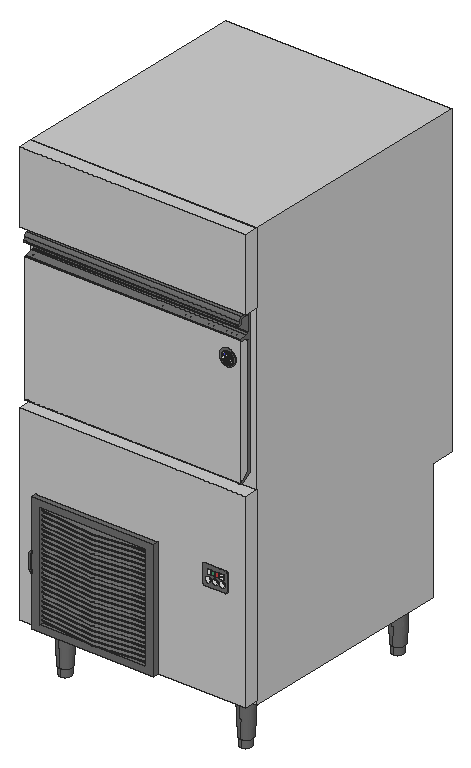
Revit family "QF_HOSHIZAKI_KM-140C-HC-W", category Specialty Equipment, Revit 2016
Family settings
  Part Type = Normal
  Round Connector Dimension = Use Diameter
  OmniClass Number = 23.40.40.14
  OmniClass Title = Food Service Equipment
  Work Plane-Based = No
  Always vertical = Yes
  Cut with Voids When Loaded = No
  Shared = No
  Room Calculation Point = No
Parameters (values of type "KM-140C-HC-W_230V/1Ph/50Hz")
  Weight = 71.00 kg
  Waste Remarks [instance] = ""
  Volts = 230 V
  URL Cutsheet = ""
  URL = "www.hoshizaki-europe.com"
  Status [instance] = ""
  Specification by User [instance] = ""
  Specification by Manufacturer [instance] = ""
  Serial Number = ""
  Seismic Rating = ""
  SMACNA No = ""
  Revision Code [instance] = ""
  Phase = 1
  Number of Poles = 2
  NAFEM Spec ID Number = ""
  Model = "KM-140C-HC-W"
  Min Ckt Ampacity = 0 A
  Max Overcurrent Protection = 0 A
  Masterspec = ""
  Manufacturer = "HOSHIZAKI"
  Length Actual = 630 mm
  Item Number [instance] = ""
  Installed By [instance] = ""
  Indirect Waste Size = 25.4 mm
  Indirect Waste Connection Type [instance] = ""
  Indirect Waste Connection Height [instance] = 354 mm
  Identify Quantity as Lot [instance] = no
  Height Actual = 1333 mm
  HP power = ""
  Furnished By [instance] = ""
  Foodservice Equipment Identifier [instance] = yes
  FL Amps = 3.9 A
  Electric power = 564 W
  Electric Connection Type [instance] = ""
  Elec Conn RI Height [instance] = 0 mm
  Elec Conn Connection Height [instance] = 303 mm
  Direct Waste RI Height [instance] = 0 mm
  Description = "SELF CONTAINED KM ICE MAKER, 138KG PER 24 HOURS, CRESCENT"
  Depth Actual = 719 mm
  Cycle = 50 Hz
  Cost = 0
  Conn Plug = ""
  Conn Conduit = no
  Cold Water Temperature Recommended = 0 °C
  Cold Water Size = 19.05 mm
  Cold Water Flow = 0.0 L/s
  Cold Water Connection Height [instance] = 398 mm
  CSI MasterFormat = ""
  Assembly Code = "E1090320"
  Apparent Power = 564 VA
  Accessory = no
Reference planes
  plane 1 "Center (Front/Back)": y = 0
  plane 2: z = 0
  plane 3 "Center (Left/Right)": x = 0
Forms (mm)
  Extrusion 1, solid, not visible
    sketch origin (47, -67, 302) x (1, 0, 0) y (0, 1, 0)
      loop
        line (0, 0) -> (2, 0) -> (2, 2) -> (0, 2) -> (0, 0)
    from 0 to 2
  Extrusion 2, solid, not visible
    sketch origin (98, -33, 400) x (1, 0, 0) y (0, 1, 0)
      loop
        line (0, 0) -> (2, 0) -> (2, 2) -> (0, 2) -> (0, 0)
    from 0 to 2
  Extrusion 3, solid, not visible
    sketch origin (582, -67, 353) x (1, 0, 0) y (0, 1, 0)
      loop
        line (0, 0) -> (2, 0) -> (2, 2) -> (0, 2) -> (0, 0)
    from 0 to 2
Dimensions and locks
  aligned and locked: level to plane 2
Nested families
  nested 1: "QF_HOSHIZAKI_KM-140C-HC-W_230V_1Ph_50Hz" at (0, 0, 0), type "KM-140C-HC-W_230V/1Ph/50Hz"
    with Show Logo yes, Show Clearance yes
Connectors
  electrical at (48, -65, 303), driven by "Apparent Power", driven by "Number of Poles", driven by "Volts"
    settings: on Extrusion 1, index 1, voltage 230 V, apparent load 0 VA, apparent load phase1 564 VA, apparent load phase2 0 VA, apparent load phase3 0 VA, power factor 1, load classification "Other", number of poles 2, system type 31, power factor state 1, is connector primary yes, connector utility no, sub classification motor no, connector description "Electric connection for 'KM-140C-HC-W'"
  piping at (99, -32, 400), diameter 19.05, driven by "Cold Water Size", driven by "Cold Water Flow"
    settings: on Extrusion 2, index 2, connector inside diameter 609.6 mm, connector length 0 mm, flow factor 0, pipe flow 0.0 L/s, pressure drop 0.0 Pa, fitting loss kfactor 0, connector angle 0.00°, fixture units 0, engagement length 0 mm, angle of deflection 0.00°, flow configuration 1, flow direction 1, fitting loss method 0, system type 20, joint type 0, gender type 0, connector reference index -1, connector utility 0, adjustable connector no, is connector primary yes, connector description "Cold Water connection for 'KM-140C-HC-W'"
  piping at (583, -65, 354), diameter 25.4, driven by "Indirect Waste Size"
    settings: on Extrusion 3, index 3, connector inside diameter 609.6 mm, connector length 0 mm, flow factor 0, pipe flow 0.0 L/s, pressure drop 0.0 Pa, fitting loss kfactor 0, connector angle 0.00°, fixture units 0, engagement length 0 mm, angle of deflection 0.00°, flow configuration 1, flow direction 2, fitting loss method 0, system type 16, joint type 0, gender type 0, connector reference index -1, connector utility 0, adjustable connector no, is connector primary no, connector description "Drain connection for 'KM-140C-HC-W'"
Definition of nested family "QF_HOSHIZAKI_KM-140C-HC-W_230V_1Ph_50Hz"
  Parameters (values of type "KM-140C-HC-W_230V/1Ph/50Hz")
    URL = "www.hoshizaki-europe.com"
    Show Logo [instance] = yes
    Show Clearance [instance] = yes
    Model = "KM-140C-HC-W"
    Manufacturer = "HOSHIZAKI"
    Description = "SELF CONTAINED KM ICE MAKER, 138KG PER 24 HOURS, CRESCENT"
    Assembly Code = "E1090320"
  Reference planes
    plane 1 "Back": y = 0
    plane 2: z = 0
    plane 3 "Left": x = 0
    plane 4 "Right": x = 630
    plane 5 "Front": y = -719
    plane 6 "Top": z = 1333
  Forms (mm)
    Extrusion 1, solid
      sketch origin (0, 0, 0) x (0, 1, 0) y (0, 0, 1)
        loop
          line (-65, 139) -> (-65, 474) -> (0, 474) -> (0, 1333) -> (-680, 1333) -> (-680, 139) -> (-65, 139)
      from 0 to 630
    Revolve 2, solid
      sketch origin (62.5, 0, 0) x (0, 1, 0) y (0, 0, 1)
        loop
          line (-109, 0) -> (-93.5, 0) -> (-93.5, 22.5) -> (-90.5, 22.5) -> (-86, 124) -> (-86, 139) -> (-109, 139) -> (-109, 0)
        axis (-109, 0) -> (-109, 139)
      angle from 0 to 360
    Extrusion 3, solid
      sketch origin (0, -125.184, 156.803) x (0, 1, 0) y (0, 0, 1)
        loop
          arc (-564.152, 560.106) -> (-560.966, 563.691) -> (-559.816, 568.347) r 10
          line (-559.816, 568.347) -> (-559.816, 956.197)
          arc (-559.816, 956.197) -> (-563.19, 963.687) -> (-571.035, 966.123) r 10
          line (-571.035, 966.123) -> (-587.697, 964.077)
          arc (-587.697, 964.077) -> (-593.362, 961.405) -> (-596.326, 955.888) r 10
          line (-596.326, 955.888) -> (-598.012, 946.326)
          arc (-598.012, 946.326) -> (-596.39, 944.009) -> (-594.073, 945.632) r 2
          line (-594.073, 945.632) -> (-592.387, 955.193)
          arc (-592.387, 955.193) -> (-590.608, 958.503) -> (-587.209, 960.106) r 6
          line (-587.209, 960.106) -> (-570.547, 962.152)
          arc (-570.547, 962.152) -> (-565.84, 960.691) -> (-563.816, 956.197) r 6
          line (-563.816, 956.197) -> (-563.816, 915.35)
          arc (-563.816, 915.35) -> (-564.246, 914.146) -> (-565.343, 913.487) r 1.9
          arc (-565.343, 913.487) -> (-565.869, 913.401) -> (-566.401, 913.352) r 7.5
          arc (-566.401, 913.352) -> (-568.987, 913.073) -> (-571.531, 912.527) r 25
          line (-571.531, 912.527) -> (-592.016, 907) -> (-592.016, 905) -> (-590.605, 905)
          arc (-590.605, 905) -> (-589.35, 904.725) -> (-588.326, 903.95) r 3
          arc (-588.326, 903.95) -> (-586.618, 902.659) -> (-584.526, 902.2) r 5
          line (-584.526, 902.2) -> (-574.616, 902.2)
          arc (-574.616, 902.2) -> (-571.08, 900.736) -> (-569.616, 897.2) r 5
          line (-569.616, 897.2) -> (-569.616, 566.869)
          arc (-569.616, 566.869) -> (-570.191, 564.541) -> (-571.784, 562.748) r 5
          line (-571.784, 562.748) -> (-586.848, 552.395)
          arc (-586.848, 552.395) -> (-588.117, 551.134) -> (-588.862, 549.507) r 5
          arc (-588.862, 549.507) -> (-589.572, 548.421) -> (-590.8, 548) r 2
          line (-590.8, 548) -> (-592.016, 548)
          arc (-592.016, 548) -> (-591.43, 546.586) -> (-590.016, 546) r 2
          line (-590.016, 546) -> (-584.677, 546) -> (-564.152, 560.106)
      from 14.5 to 615.5
    Extrusion 4, solid
      sketch origin (0, -125.184, 156.803) x (0, 1, 0) y (0, 0, 1)
        loop
          line (-593.816, 905) -> (-593.816, 548) -> (-590.8, 548)
          arc (-590.8, 548) -> (-589.572, 548.421) -> (-588.862, 549.507) r 2
          arc (-588.862, 549.507) -> (-588.117, 551.134) -> (-586.848, 552.395) r 5
          line (-586.848, 552.395) -> (-571.784, 562.748)
          arc (-571.784, 562.748) -> (-570.191, 564.541) -> (-569.616, 566.869) r 5
          line (-569.616, 566.869) -> (-569.616, 897.2)
          arc (-569.616, 897.2) -> (-571.08, 900.736) -> (-574.616, 902.2) r 5
          line (-574.616, 902.2) -> (-584.526, 902.2)
          arc (-584.526, 902.2) -> (-586.618, 902.659) -> (-588.326, 903.95) r 5
          arc (-588.326, 903.95) -> (-589.35, 904.725) -> (-590.605, 905) r 3
          line (-590.605, 905) -> (-593.816, 905)
      from 14.5 to 615.5
    Extrusion 5, solid
      sketch origin (-500, -591, 148.5) x (0, 1, 0) y (0, 0, 1)
        loop
          line (-128, 313.5) -> (-131, 313.5) -> (-131, 17.5) -> (-128, 17.5) -> (-128, 313.5)
      from 863 to 567
    Extrusion 6, solid, visible <- "Show Logo"
      sketch origin (1039.884, -718.5, -852.5) x (-1, 0, 0) y (0, 0, -1)
        loop
          circle (459.884, -1862.5) r 13.99
      from -0.5 to 2
    Extrusion 7, solid, visible <- "Show Logo"
      sketch origin (1039.884, -719, -852.5) x (-1, 0, 0) y (0, 0, -1)
        loop
          circle (459.884, -1862.5) r 15
        loop
          arc (446.884, -1862.5) -> (460.705, -1875.474) -> (472.781, -1860.863) r 13
          line (472.781, -1860.863) -> (470.355, -1858.437) -> (469.346, -1862.201) -> (466.355, -1863.928) -> (465.024, -1865.26) -> (463.375, -1865.26) -> (462.04, -1870.241) -> (457.755, -1870.241) -> (459.339, -1867.979) -> (460.402, -1864.014) -> (461.224, -1860.945) -> (462.416, -1856.497) -> (461.216, -1855.297) -> (459.433, -1857.843) -> (455.784, -1851.523) -> (460.361, -1851.523) -> (461.471, -1853.446) -> (469.213, -1853.446)
          arc (469.213, -1853.446) -> (460.394, -1849.51) -> (451.293, -1852.743) r 13
          line (451.293, -1852.743) -> (455.577, -1853.891) -> (453.752, -1856.497) -> (455.349, -1856.497) -> (454.477, -1866.459) -> (452.538, -1866.459) -> (446.884, -1862.5)
        loop
          line (447.853, -1857.467) -> (452.313, -1861.926) -> (450.144, -1853.891)
          arc (450.144, -1853.891) -> (448.878, -1855.602) -> (447.853, -1857.467) r 15.828
        loop
          line (463.583, -1862.877) -> (466.64, -1862.399) -> (464.901, -1861.285) -> (463.583, -1857.664) -> (463.583, -1862.877)
        loop
          line (464.827, -1855.979) -> (468.296, -1856.908) -> (469.573, -1854.916) -> (468.881, -1854.224) -> (467.914, -1855.035) -> (464.827, -1855.979)
        loop
          line (462.609, -1872.307) -> (462.609, -1874.009) -> (464.927, -1873.388) -> (462.609, -1872.307)
        loop
          line (460.361, -1874.662) -> (459.594, -1873.335) -> (460.801, -1872.638) -> (459.186, -1872.205) -> (458.298, -1874.11) -> (460.361, -1874.662)
        loop
          line (459.623, -1846.783) -> (460.706, -1845.701) -> (462.247, -1845.701) -> (461.191, -1844.645) -> (461.503, -1842.874) -> (459.623, -1843.959) -> (457.743, -1842.874) -> (458.055, -1844.645) -> (456.999, -1845.701) -> (458.54, -1845.701) -> (459.623, -1846.783)
        loop
          line (446.86, -1853.7) -> (446.594, -1852.191) -> (447.478, -1850.929) -> (446.007, -1851.188) -> (444.736, -1849.917) -> (444.547, -1852.08) -> (442.579, -1852.997) -> (444.209, -1853.757) -> (444.468, -1855.228) -> (445.352, -1853.965) -> (446.86, -1853.7)
        loop
          line (452.395, -1848.68) -> (452.856, -1847.219) -> (454.223, -1846.508) -> (452.799, -1846.059) -> (452.258, -1844.344) -> (451.091, -1846.175) -> (448.922, -1846.08) -> (450.017, -1847.507) -> (449.568, -1848.931) -> (450.935, -1848.219) -> (452.395, -1848.68)
        loop
          line (472.909, -1853.7) -> (474.417, -1853.965) -> (475.301, -1855.228) -> (475.56, -1853.757) -> (477.19, -1852.997) -> (475.222, -1852.08) -> (475.033, -1849.917) -> (473.761, -1851.188) -> (472.291, -1850.929) -> (473.175, -1852.191) -> (472.909, -1853.7)
        loop
          line (467.374, -1848.68) -> (468.834, -1848.219) -> (470.201, -1848.931) -> (469.752, -1847.507) -> (470.847, -1846.08) -> (468.678, -1846.175) -> (467.511, -1844.344) -> (466.97, -1846.059) -> (465.546, -1846.508) -> (466.913, -1847.219) -> (467.374, -1848.68)
      from 0 to 2
    Extrusion 8, solid, visible <- "Show Logo"
      sketch origin (1039.884, -719, -852.5) x (-1, 0, 0) y (0, 0, -1)
        loop
          line (462.609, -1874.009) -> (462.609, -1872.307) -> (462.085, -1870.241) -> (457.755, -1870.241) -> (459.339, -1867.979) -> (462.416, -1856.497) -> (461.216, -1855.297) -> (459.433, -1857.843) -> (455.808, -1851.565) -> (453.948, -1851.565) -> (455.577, -1853.891) -> (454.477, -1866.459) -> (456.345, -1871.339)
          arc (456.345, -1871.339) -> (456.868, -1874.025) -> (459.213, -1875.435) r 3.366
          arc (459.213, -1875.435) -> (460.198, -1875.496) -> (461.183, -1875.435) r 8.046
          line (461.183, -1875.435) -> (462.609, -1874.009)
        loop
          line (456.854, -1851.523) -> (460.361, -1851.523) -> (460.916, -1852.485) -> (462.702, -1852.485) -> (463.779, -1851.407) -> (460.623, -1851.407) -> (461.563, -1850.468) -> (456.245, -1850.468) -> (456.854, -1851.523)
        loop
          line (460.361, -1874.662) -> (459.594, -1873.335) -> (460.801, -1872.638) -> (459.186, -1872.205) -> (458.298, -1874.11) -> (460.361, -1874.662)
      from 0 to 2
    Extrusion 9, solid, visible <- "Show Logo"
      sketch origin (254.5, -718, 571.096) x (1, 0, 0) y (0, 0, 1)
        loop
          circle (325.5, 438.904) r 22.5
      from 0 to 2
    Extrusion 10, solid, visible <- "Show Clearance", detail levels coarse
      sketch origin (0, -125, 156.803) x (0, 1, 0) y (0, 0, 1)
        loop
          arc (-594, 964.843) -> (-790.878, 902.025) -> (-918, 739.091) r 350
          line (-918, 739.091) -> (-594, 544.412) -> (-594, 964.843)
      from 14.5 to 615.5
    Extrusion 11, solid
      sketch origin (178, 0, 53) x (1, 0, 0) y (0, 0, 1)
        loop
          circle (405, 301) r 12.5
        loop
          circle (405, 301) r 11
      from 50 to 65
    Extrusion 12, solid
      sketch origin (0, 0, -981.5) x (0, 1, 0) y (0, 0, 1)
        loop
          line (-719, 1660) -> (-719, 1130.5) -> (-680, 1130.5) -> (-680, 1660) -> (-719, 1660)
      from 0 to 630
    Extrusion 13, solid
      sketch origin (281.5, -735, -27.355) x (-1, 0, 0) y (0, 0, 1)
        loop
          line (-265.14, 488.748) -> (-274.86, 488.748) -> (-274.86, 476.748) -> (-265.14, 476.748) -> (-265.14, 488.748)
      from 16 to 14
    Extrusion 14, solid
      sketch origin (260.5, -735, -27.355) x (-1, 0, 0) y (0, 0, 1)
        loop
          line (-265.14, 488.748) -> (-274.86, 488.748) -> (-274.86, 476.748) -> (-265.14, 476.748) -> (-265.14, 488.748)
      from 16 to 14
    Extrusion 15, solid
      sketch origin (271, -735, -27.355) x (-1, 0, 0) y (0, 0, 1)
        loop
          line (-265.14, 488.748) -> (-274.86, 488.748) -> (-274.86, 476.748) -> (-265.14, 476.748) -> (-265.14, 488.748)
      from 16 to 14
    Extrusion 16, solid
      sketch origin (295.5, -735, -26.355) x (-1, 0, 0) y (0, 0, 1)
        loop
          line (-265.14, 488.748) -> (-274.86, 488.748) -> (-274.86, 482.748) -> (-265.14, 482.748) -> (-265.14, 488.748)
      from 16 to 14
    Extrusion 17, solid
      sketch origin (295.5, -735, 937.142) x (-1, 0, 0) y (0, 0, 1)
        loop
          line (-265.14, -488.748) -> (-265.14, -482.748) -> (-274.86, -482.748) -> (-274.86, -488.748) -> (-265.14, -488.748)
      from 16 to 14
    Extrusion 18, solid
      sketch origin (256.5, -735, -47.355) x (-1, 0, 0) y (0, 0, 1)
        loop
          circle (-270, 482.748) r 7
      from 16 to 14
    Extrusion 19, solid
      sketch origin (276.5, -735, -47.355) x (-1, 0, 0) y (0, 0, 1)
        loop
          circle (-270, 482.748) r 7
      from 16 to 14
    Extrusion 20, solid
      sketch origin (836.5, -735, -47.355) x (1, 0, 0) y (0, 0, -1)
        loop
          circle (-270, -482.748) r 7
      from 16 to 14
    Extrusion 21, solid
      sketch origin (0, 0, 0) x (0, 1, 0) y (0, 0, 1)
        loop
          line (-719, 1333) -> (-719, 1133) -> (-680, 1133) -> (-680, 1333) -> (-719, 1333)
      from 0 to 630
    Extrusion 22, solid
      sketch origin (0, -719, 0) x (-1, 0, 0) y (0, 0, 1)
        loop
          line (-45, 149) -> (-45, 479) -> (-385, 479) -> (-385, 149) -> (-45, 149)
        loop
          line (-67, 462) -> (-363, 462) -> (-363, 166) -> (-67, 166) -> (-67, 462)
      from 0 to -16
    Extrusion 23, solid
      sketch origin (-102.25, -933, 82.071) x (1, 0, 0) y (0, 0, 1)
        loop
          line (147.25, 264) -> (138.179, 254.929) -> (138.179, 213.929) -> (147.25, 204.858) -> (147.25, 213.343) -> (144.179, 216.414) -> (144.179, 252.443) -> (147.25, 255.515) -> (147.25, 264)
      from -198 to -200
    Revolve 24, solid
      sketch origin (62.5, -530, 0) x (0, 1, 0) y (0, 0, 1)
        loop
          line (-109, 0) -> (-93.5, 0) -> (-93.5, 22.5) -> (-90.5, 22.5) -> (-86, 124) -> (-86, 139) -> (-109, 139) -> (-109, 0)
        axis (-109, 0) -> (-109, 139)
      angle from 0 to 360
    Revolve 25, solid
      sketch origin (567.5, 0, 0) x (0, 1, 0) y (0, 0, 1)
        loop
          line (-109, 0) -> (-93.5, 0) -> (-93.5, 22.5) -> (-90.5, 22.5) -> (-86, 124) -> (-86, 139) -> (-109, 139) -> (-109, 0)
        axis (-109, 0) -> (-109, 139)
      angle from 0 to 360
    Revolve 26, solid
      sketch origin (567.5, -530, 0) x (0, 1, 0) y (0, 0, 1)
        loop
          line (-109, 0) -> (-93.5, 0) -> (-93.5, 22.5) -> (-90.5, 22.5) -> (-86, 124) -> (-86, 139) -> (-109, 139) -> (-109, 0)
        axis (-109, 0) -> (-109, 139)
      angle from 0 to 360
    Extrusion 27, solid
      sketch origin (-98.25, -334.885, 672.605) x (1, 0, 0) y (0, 0.866025, 0.5)
        loop
          line (165.25, -443) -> (165.25, -451.668)
          arc (165.25, -451.668) -> (313.28, -461.644) -> (461.25, -450.813) r 1057.927
          line (461.25, -450.813) -> (461.25, -443) -> (165.25, -443)
      from 2 to 5
    Extrusion 28, solid
      sketch origin (-98.25, -334.885, 660.605) x (1, 0, 0) y (0, 0.866025, 0.5)
        loop
          line (165.25, -443) -> (165.25, -451.668)
          arc (165.25, -451.668) -> (313.28, -461.644) -> (461.25, -450.813) r 1057.927
          line (461.25, -450.813) -> (461.25, -443) -> (165.25, -443)
      from 2 to 5
    Extrusion 29, solid
      sketch origin (-98.25, -334.885, 648.605) x (1, 0, 0) y (0, 0.866025, 0.5)
        loop
          line (165.25, -443) -> (165.25, -451.668)
          arc (165.25, -451.668) -> (313.28, -461.644) -> (461.25, -450.813) r 1057.927
          line (461.25, -450.813) -> (461.25, -443) -> (165.25, -443)
      from 2 to 5
    Extrusion 30, solid
      sketch origin (-98.25, -334.885, 636.605) x (1, 0, 0) y (0, 0.866025, 0.5)
        loop
          line (165.25, -443) -> (165.25, -451.668)
          arc (165.25, -451.668) -> (313.28, -461.644) -> (461.25, -450.813) r 1057.927
          line (461.25, -450.813) -> (461.25, -443) -> (165.25, -443)
      from 2 to 5
    Extrusion 31, solid
      sketch origin (-98.25, -334.885, 624.605) x (1, 0, 0) y (0, 0.866025, 0.5)
        loop
          line (165.25, -443) -> (165.25, -451.668)
          arc (165.25, -451.668) -> (313.28, -461.644) -> (461.25, -450.813) r 1057.927
          line (461.25, -450.813) -> (461.25, -443) -> (165.25, -443)
      from 2 to 5
    Extrusion 32, solid
      sketch origin (-98.25, -334.885, 612.605) x (1, 0, 0) y (0, 0.866025, 0.5)
        loop
          line (165.25, -443) -> (165.25, -451.668)
          arc (165.25, -451.668) -> (313.28, -461.644) -> (461.25, -450.813) r 1057.927
          line (461.25, -450.813) -> (461.25, -443) -> (165.25, -443)
      from 2 to 5
    Extrusion 33, solid
      sketch origin (-98.25, -334.885, 600.605) x (1, 0, 0) y (0, 0.866025, 0.5)
        loop
          line (165.25, -443) -> (165.25, -451.668)
          arc (165.25, -451.668) -> (313.28, -461.644) -> (461.25, -450.813) r 1057.927
          line (461.25, -450.813) -> (461.25, -443) -> (165.25, -443)
      from 2 to 5
    Extrusion 34, solid
      sketch origin (-98.25, -334.885, 588.605) x (1, 0, 0) y (0, 0.866025, 0.5)
        loop
          line (165.25, -443) -> (165.25, -451.668)
          arc (165.25, -451.668) -> (313.28, -461.644) -> (461.25, -450.813) r 1057.927
          line (461.25, -450.813) -> (461.25, -443) -> (165.25, -443)
      from 2 to 5
    Extrusion 35, solid
      sketch origin (-98.25, -334.885, 576.605) x (1, 0, 0) y (0, 0.866025, 0.5)
        loop
          line (165.25, -443) -> (165.25, -451.668)
          arc (165.25, -451.668) -> (313.28, -461.644) -> (461.25, -450.813) r 1057.927
          line (461.25, -450.813) -> (461.25, -443) -> (165.25, -443)
      from 2 to 5
    Extrusion 36, solid
      sketch origin (-98.25, -334.885, 564.605) x (1, 0, 0) y (0, 0.866025, 0.5)
        loop
          line (165.25, -443) -> (165.25, -451.668)
          arc (165.25, -451.668) -> (313.28, -461.644) -> (461.25, -450.813) r 1057.927
          line (461.25, -450.813) -> (461.25, -443) -> (165.25, -443)
      from 2 to 5
    Extrusion 37, solid
      sketch origin (-98.25, -334.885, 552.605) x (1, 0, 0) y (0, 0.866025, 0.5)
        loop
          line (165.25, -443) -> (165.25, -451.668)
          arc (165.25, -451.668) -> (313.28, -461.644) -> (461.25, -450.813) r 1057.927
          line (461.25, -450.813) -> (461.25, -443) -> (165.25, -443)
      from 2 to 5
    Extrusion 38, solid
      sketch origin (-98.25, -334.885, 540.605) x (1, 0, 0) y (0, 0.866025, 0.5)
        loop
          line (165.25, -443) -> (165.25, -451.668)
          arc (165.25, -451.668) -> (313.28, -461.644) -> (461.25, -450.813) r 1057.927
          line (461.25, -450.813) -> (461.25, -443) -> (165.25, -443)
      from 2 to 5
    Extrusion 39, solid
      sketch origin (-98.25, -334.885, 528.605) x (1, 0, 0) y (0, 0.866025, 0.5)
        loop
          line (165.25, -443) -> (165.25, -451.668)
          arc (165.25, -451.668) -> (313.28, -461.644) -> (461.25, -450.813) r 1057.927
          line (461.25, -450.813) -> (461.25, -443) -> (165.25, -443)
      from 2 to 5
    Extrusion 40, solid
      sketch origin (-98.25, -334.885, 516.605) x (1, 0, 0) y (0, 0.866025, 0.5)
        loop
          line (165.25, -443) -> (165.25, -451.668)
          arc (165.25, -451.668) -> (313.28, -461.644) -> (461.25, -450.813) r 1057.927
          line (461.25, -450.813) -> (461.25, -443) -> (165.25, -443)
      from 2 to 5
    Extrusion 41, solid
      sketch origin (-98.25, -334.885, 504.605) x (1, 0, 0) y (0, 0.866025, 0.5)
        loop
          line (165.25, -443) -> (165.25, -451.668)
          arc (165.25, -451.668) -> (313.28, -461.644) -> (461.25, -450.813) r 1057.927
          line (461.25, -450.813) -> (461.25, -443) -> (165.25, -443)
      from 2 to 5
    Extrusion 42, solid
      sketch origin (-98.25, -334.885, 492.605) x (1, 0, 0) y (0, 0.866025, 0.5)
        loop
          line (165.25, -443) -> (165.25, -451.668)
          arc (165.25, -451.668) -> (313.28, -461.644) -> (461.25, -450.813) r 1057.927
          line (461.25, -450.813) -> (461.25, -443) -> (165.25, -443)
      from 2 to 5
    Extrusion 43, solid
      sketch origin (-98.25, -334.885, 480.605) x (1, 0, 0) y (0, 0.866025, 0.5)
        loop
          line (165.25, -443) -> (165.25, -451.668)
          arc (165.25, -451.668) -> (313.28, -461.644) -> (461.25, -450.813) r 1057.927
          line (461.25, -450.813) -> (461.25, -443) -> (165.25, -443)
      from 2 to 5
    Extrusion 44, solid
      sketch origin (-98.25, -334.885, 468.605) x (1, 0, 0) y (0, 0.866025, 0.5)
        loop
          line (165.25, -443) -> (165.25, -451.668)
          arc (165.25, -451.668) -> (313.28, -461.644) -> (461.25, -450.813) r 1057.927
          line (461.25, -450.813) -> (461.25, -443) -> (165.25, -443)
      from 2 to 5
    Extrusion 45, solid
      sketch origin (-98.25, -334.885, 456.605) x (1, 0, 0) y (0, 0.866025, 0.5)
        loop
          line (165.25, -443) -> (165.25, -451.668)
          arc (165.25, -451.668) -> (313.28, -461.644) -> (461.25, -450.813) r 1057.927
          line (461.25, -450.813) -> (461.25, -443) -> (165.25, -443)
      from 2 to 5
    Extrusion 46, solid
      sketch origin (-98.25, -334.885, 444.605) x (1, 0, 0) y (0, 0.866025, 0.5)
        loop
          line (165.25, -443) -> (165.25, -451.668)
          arc (165.25, -451.668) -> (313.28, -461.644) -> (461.25, -450.813) r 1057.927
          line (461.25, -450.813) -> (461.25, -443) -> (165.25, -443)
      from 2 to 5
    Extrusion 47, solid
      sketch origin (-98.25, -334.885, 432.605) x (1, 0, 0) y (0, 0.866025, 0.5)
        loop
          line (165.25, -443) -> (165.25, -451.668)
          arc (165.25, -451.668) -> (313.28, -461.644) -> (461.25, -450.813) r 1057.927
          line (461.25, -450.813) -> (461.25, -443) -> (165.25, -443)
      from 2 to 5
    Extrusion 48, solid
      sketch origin (-98.25, -334.885, 420.605) x (1, 0, 0) y (0, 0.866025, 0.5)
        loop
          line (165.25, -443) -> (165.25, -451.668)
          arc (165.25, -451.668) -> (313.28, -461.644) -> (461.25, -450.813) r 1057.927
          line (461.25, -450.813) -> (461.25, -443) -> (165.25, -443)
      from 2 to 5
    Extrusion 49, solid
      sketch origin (-98.25, -334.885, 408.605) x (1, 0, 0) y (0, 0.866025, 0.5)
        loop
          line (165.25, -443) -> (165.25, -451.668)
          arc (165.25, -451.668) -> (313.28, -461.644) -> (461.25, -450.813) r 1057.927
          line (461.25, -450.813) -> (461.25, -443) -> (165.25, -443)
      from 2 to 5
    Extrusion 50, solid
      sketch origin (-98.25, -334.885, 396.605) x (1, 0, 0) y (0, 0.866025, 0.5)
        loop
          line (165.25, -443) -> (165.25, -451.668)
          arc (165.25, -451.668) -> (313.28, -461.644) -> (461.25, -450.813) r 1057.927
          line (461.25, -450.813) -> (461.25, -443) -> (165.25, -443)
      from 2 to 5
    Extrusion 51, solid
      sketch origin (0, -722, 0) x (-1, 0, 0) y (0, 0, 1)
        loop
          line (-573, 417) -> (-519, 417)
          arc (-519, 417) -> (-513.343, 419.343) -> (-511, 425) r 8
          line (-511, 425) -> (-511, 466)
          arc (-511, 466) -> (-513.343, 471.657) -> (-519, 474) r 8
          line (-519, 474) -> (-573, 474)
          arc (-573, 474) -> (-578.657, 471.657) -> (-581, 466) r 8
          line (-581, 466) -> (-581, 425)
          arc (-581, 425) -> (-578.657, 419.343) -> (-573, 417) r 8
      from 2 to 4
    Extrusion 52, solid
      sketch origin (0, 0, 0) x (0, 1, 0) y (0, 0, 1)
        loop
          line (-65, 474) -> (-65, 398) -> (0, 398) -> (0, 474) -> (-65, 474)
      from 52 to 142
  Lines and regions (mm)
    symbolic lines
      curve 1: line (0, 0, 0) -> (630, 0, 0)
      curve 2: line (630, 0, 0) -> (630, -719, 0)
      curve 3: line (630, -719, 0) -> (0, -719, 0)
      curve 4: line (0, -719, 0) -> (0, 0, 0)
    symbolic lines, visible <- "Show Clearance"
      curve 5: line (14.5, -1043, 0) -> (14.5, -719, 0)
      curve 6: line (14.5, -1043, 0) -> (615.5, -1043, 0)
      curve 7: line (615.5, -1043, 0) -> (615.5, -719, 0)
  Dimensions and locks
    plane 6 "Top" to level = 1333 mm
    plane 5 "Front" to plane 1 "Back" = 719 mm
    plane 3 "Left" to plane 4 "Right" = 630 mm
    aligned and locked: level to plane 2
    aligned and locked: Extrusion 1 to plane 4 "Right"
